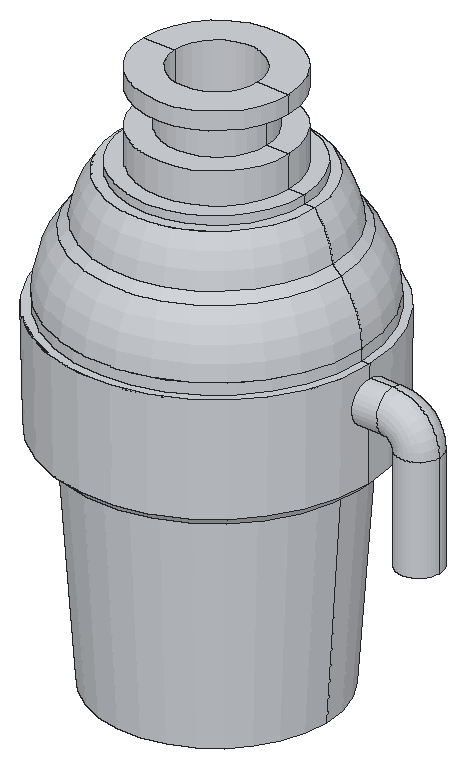
Revit family
Parameters (values of type "Model 3300")
  Waste Outlet Radius = Waste Outlet Diameter / 2  # 20 mm
  Waste Outlet Diameter = 40 mm
  Waste Inlet Radius = Waste Inlet Diameter / 2  # 40 mm
  Waste Inlet Diameter = 80 mm
  Voltage = 220 V
  URL = "http://www.autospec.co.za/browse.php?id=1644179285"
  Product Code = "WW 3300"
  Power = 520 W
  OmniClass Title = ""
  OmniClass Number = ""
  Motor Speed = "2700 R.P.M"
  Motor Horsepower = "3/4 Hp"
  Modspec Classification = ""
  Specification = ""
  Material = none
  Location (revit room) = ""
  Model = "Domestic Food Waste Disposer WW - 3300"
  Manufacturer = "Kwikot"  # constant formula
  Frequency = 50 Hz
  Current = 3 A
  Colour = none
  Body Finish = none
  Assembly Code = "E1090200"
Reference planes
  plane 1 "Center (Front/Back)": y = 0
  plane 2: z = 0
  plane 3 "Center (Left/Right)": x = 0
Forms (mm)
  Revolve 1, solid
    sketch origin (0, 0, 0) x (1, 0, 0) y (0, 0, 1)
      loop
        line (40, 0) -> (40, -81.5) -> (70, -81.5) -> (70, -51.5) -> (48, -51.5) -> (48, -16.5) -> (70, -16.5) -> (70, 0) -> (40, 0)
      axis (0, -81.5) -> (0, 0)
    angle from 0 to 360
  Sweep 2, solid
    path origin (0, 0, 0) x (1, 0, 0) y (0, 0, 1)
      loop
        line (145, -237.5) -> (170, -237.5)
        arc (170, -237.5) -> (187.678, -244.822) -> (195, -262.5) r 25
        line (195, -262.5) -> (195, -362.5)
    profile origin (157.5, 0, -237.5) x (0, 0, 1) y (0, -1, 0)
      loop
        circle (0, 0) r 20
  Extrusion 3, void
    sketch origin (0, 0, 0) x (0, -1, 0) y (0, 0, 1)
      loop
        line (-15, -450) -> (15, -450) -> (15, -420)
        arc (15, -420) -> (0, -405) -> (-15, -420) r 15
        line (-15, -420) -> (-15, -450)
    from 50 to 125
  Revolve 4, solid
    sketch origin (0, 0, 0) x (1, 0, 0) y (0, 0, 1)
      loop
        line (85, -81.5) -> (0, -81.5) -> (0, -529.5) -> (105.913, -529.5) -> (120.737, -317.5) -> (138, -317.5) -> (146.188, -309.312) -> (148, -205.5) -> (140, -205.5) -> (140, -195)
        arc (140, -195) -> (134.847, -165.503) -> (120, -139.5) r 87.006
        line (120, -139.5) -> (112, -131.5)
        arc (112, -131.5) -> (106.186, -109.413) -> (95, -89.5) r 90
        line (95, -89.5) -> (85, -89.5) -> (85, -81.5)
      axis (0, -529.5) -> (0, -81.5)
    angle from 0 to 360
Cuts and joins
  Extrusion 3 cuts Revolve 1
  Extrusion 3 cuts Revolve 4
Lines and regions (mm)
  symbolic lines
    curve 1: arc (48, 0, 0) -> (0, 48, 0) -> (-48, 0, 0) r 48
    curve 2: arc (-48, 0, 0) -> (0, -48, 0) -> (48, 0, 0) r 48
    curve 3: arc (70, 0, 0) -> (0, 70, 0) -> (-70, 0, 0) r 70
    curve 4: arc (-70, 0, 0) -> (0, -70, 0) -> (70, 0, 0) r 70
    curve 5: arc (85, 0, 0) -> (0, 85, 0) -> (-85, 0, 0) r 85
    curve 6: arc (-85, 0, 0) -> (0, -85, 0) -> (85, 0, 0) r 85
    curve 7: arc (-95, 0, 0) -> (0, 95, 0) -> (95, 0, 0) r 95
    curve 8: arc (95, 0, 0) -> (0, -95, 0) -> (-95, 0, 0) r 95
    curve 9: arc (-105.913, 0, 0) -> (0, 105.913, 0) -> (105.913, 0, 0) r 105.913
    curve 10: arc (105.913, 0, 0) -> (0, -105.913, 0) -> (-105.913, 0, 0) r 105.913
    curve 11: arc (-112, 0, 0) -> (0, 112, 0) -> (112, 0, 0) r 112
    curve 12: arc (112, 0, 0) -> (0, -112, 0) -> (-112, 0, 0) r 112
    curve 13: arc (-120, 0, 0) -> (0, 120, 0) -> (120, 0, 0) r 120
    curve 14: arc (120, 0, 0) -> (0, -120, 0) -> (-120, 0, 0) r 120
    curve 15: arc (140, 0, 0) -> (0, 140, 0) -> (-140, 0, 0) r 140
    curve 16: arc (-140, 0, 0) -> (0, -140, 0) -> (140, 0, 0) r 140
    curve 17: arc (148, 0, 0) -> (0, 148, 0) -> (-148, 0, 0) r 148
    curve 18: arc (-148, 0, 0) -> (0, -148, 0) -> (148, 0, 0) r 148
    curve 19: arc (215, 0, 0) -> (195, 20, 0) -> (175, 0, 0) r 20
    curve 20: arc (175, 0, 0) -> (195, -20, 0) -> (215, 0, 0) r 20
    curve 21: line (195, 20, 0) -> (146.642, 20, 0)
    curve 22: line (195, -20, 0) -> (146.642, -20, 0)
    curve 23: arc (-40, 0, 0) -> (0, -40, 0) -> (40, 0, 0) r 40
    curve 24: arc (40, 0, 0) -> (0, 40, 0) -> (-40, 0, 0) r 40
Dimensions and locks
  plane 3 "Center (Left/Right)" to Revolve 1 sketch curve = 70 mm  (x2)
  plane 3 "Center (Left/Right)" to Revolve 1 sketch curve = 48 mm
  Revolve 1 sketch curve to plane 3 "Center (Left/Right)" = 70 mm
  Sweep 2 sketch curve to plane 3 "Center (Left/Right)" = 145 mm
  Extrusion 3 sketch curve to plane 1 "Center (Front/Back)" = 15 mm
  Revolve 4 sketch curve to Revolve 4 sketch curve = 120.737 mm
  Revolve 4 sketch curve to Revolve 4 sketch curve = 105.913 mm
  Revolve 4 sketch curve to Revolve 4 sketch curve = 212 mm
  cut or joined group of Extrusion 3, Revolve 4 to Sweep 2 sketch curve = 32 mm
  "Waste Inlet Radius": Revolve 1 sketch curve to plane 3 "Center (Left/Right)"
  "Waste Outlet Radius": radius of Sweep 2 sketch curve
  aligned and locked: level to plane 2
  aligned and locked: Revolve 1 sketch curve to level
  aligned and locked: plane 3 "Center (Left/Right)" to Revolve 1 sketch curve
  aligned and locked: profile plane to Sweep 2 sketch curve  (x2)
  aligned: Extrusion 3 sketch curve to Revolve 1
  aligned and locked: Revolve 4 sketch curve to cut or joined group of Revolve 1, Extrusion 3
  aligned: Revolve 4 sketch curve to cut or joined group of Revolve 1, Extrusion 3
  aligned and locked: plane 3 "Center (Left/Right)" to Revolve 4 sketch curve
  aligned and locked: curve 1 to cut or joined group of Revolve 1, Extrusion 3
  aligned and locked: curve 2 to cut or joined group of Revolve 1, Extrusion 3
  aligned and locked: curve 3 to cut or joined group of Revolve 1, Extrusion 3
  aligned and locked: curve 4 to cut or joined group of Revolve 1, Extrusion 3
  aligned and locked: curve 5 to cut or joined group of Extrusion 3, Revolve 4
  aligned and locked: curve 6 to cut or joined group of Extrusion 3, Revolve 4
  aligned and locked: curve 7 to cut or joined group of Extrusion 3, Revolve 4
  aligned and locked: curve 8 to cut or joined group of Extrusion 3, Revolve 4
  aligned and locked: curve 9 to cut or joined group of Extrusion 3, Revolve 4
  aligned and locked: curve 10 to cut or joined group of Extrusion 3, Revolve 4
  aligned and locked: curve 11 to cut or joined group of Extrusion 3, Revolve 4
  aligned and locked: curve 12 to cut or joined group of Extrusion 3, Revolve 4
  aligned and locked: curve 13 to cut or joined group of Extrusion 3, Revolve 4
  aligned and locked: curve 14 to cut or joined group of Extrusion 3, Revolve 4
  aligned and locked: curve 15 to cut or joined group of Extrusion 3, Revolve 4
  aligned and locked: curve 16 to cut or joined group of Extrusion 3, Revolve 4
  aligned and locked: curve 17 to cut or joined group of Extrusion 3, Revolve 4
  aligned and locked: curve 18 to cut or joined group of Extrusion 3, Revolve 4
  aligned and locked: curve 19 to Sweep 2
  aligned and locked: curve 20 to Sweep 2
  aligned and locked: curve 23 to cut or joined group of Revolve 1, Extrusion 3
  aligned and locked: curve 24 to cut or joined group of Revolve 1, Extrusion 3
Automatic sketch dimensions
  Sweep 2 sketch curve to Sweep 2 sketch curve = 25 mm  (x2)
  Sweep 2 sketch curve to Sweep 2 sketch curve = 100 mm
  curve 21 to curve 19 = 0 mm
  curve 22 to curve 19 = 0 mm
  Revolve 1 sketch curve to level = 16.5 mm
  Revolve 1 sketch curve to Revolve 1 sketch curve = 35 mm
  Revolve 1 sketch curve to Revolve 1 sketch curve = 30 mm
  level to Revolve 1 sketch curve = 84.5 mm
  Revolve 1 sketch curve to Revolve 1 sketch curve = 459 mm
Connectors
  electrical at (-50, 0, -438), driven by "Voltage", driven by "Power"
    settings: on cut or joined group of Revolve 1, Extrusion 3, index 1, voltage 220 V, apparent load 0 W, apparent load phase1 520 W, apparent load phase2 0 W, apparent load phase3 0 W, power factor 1, load classification "Other", number of poles 1, system type 31, power factor state 1, is connector primary yes, connector utility no, sub classification motor no, connector description ""
  piping at (0, 0, 0), driven by "Waste Inlet Radius"
    settings: on cut or joined group of Revolve 1, Extrusion 3, index 2, connector radius 40 mm, flow factor 0, pipe flow 0.0 L/s, pressure drop 0.0 Pa, fitting loss kfactor 0, connector angle 0.00°, fixture units 0, flow configuration 0, flow direction 1, fitting loss method 0, system type 22, connector reference index -1, connector utility 0, adjustable connector no, is connector primary yes, fitting loss table "", connector description "Waste Inlet"
  piping at (195, 0, -362.5), driven by "Waste Outlet Radius"
    settings: on Sweep 2, index 3, connector radius 20 mm, flow factor 0, pipe flow 0.0 L/s, pressure drop 0.0 Pa, fitting loss kfactor 0, connector angle 0.00°, fixture units 0, flow configuration 0, flow direction 2, fitting loss method 0, system type 16, connector reference index -1, connector utility 0, adjustable connector no, is connector primary no, fitting loss table "", connector description "Waste Outlet"
